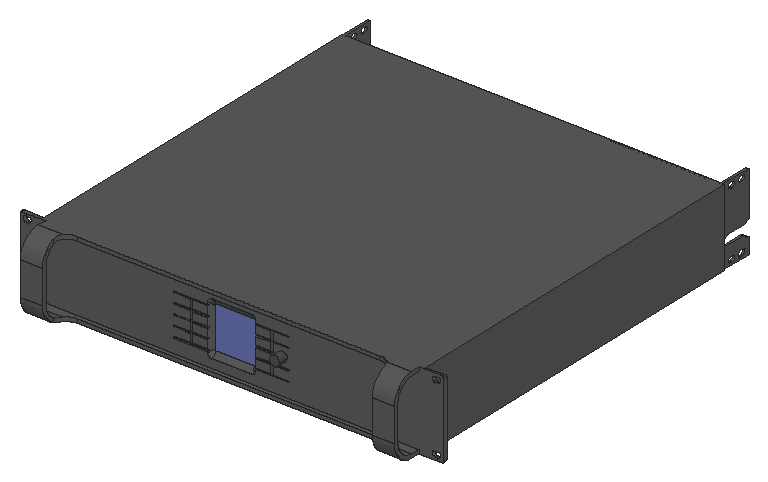
Revit family "PLM xxk44", category Communication Devices, Revit 2020
Family settings
  Maintain Annotation Orientation = No
  Round Connector Dimension = Use Diameter
  Part Type = Normal
  Work Plane-Based = No
  Always vertical = Yes
  Cut with Voids When Loaded = No
  Shared = No
  Room Calculation Point = No
Parameters
  Weight (kg) = 17  # constant formula
  Voltage [instance] = "100-240VAC"  # constant formula
  Thermal Load in Standby (BTU/hr) [instance] = 30  # constant formula
  Thermal Load Max (BTU/hr) [instance] = 6245  # constant formula
  SP [instance] = yes
  Currrent Draw (Max) [instance] = 30  # constant formula
  BP [instance] = not(SP)  # no
  Model = "PLM 12k44, PLM20k44"
  Manufacturer = "Lab Gruppen"
  Default Elevation = 0 mm
Reference planes
  plane 1 "Center (Front/Back)": y = 0
  plane 2: z = 0
  plane 3 "Center (Left/Right)": x = 0
Dimensions and locks
  aligned and locked: level to plane 2
Nested families
  nested 1: "PLM xxk44 - base1" at (0, 0, 0), SP <- "SP", type "PLM xxk44 - base1"
    with SP yes, BP no
Connectors
  electrical at (-188.4, 425, 65.3)
    settings: on nested 1, index 1, voltage 120 V, apparent load 0 VA, apparent load phase1 0 VA, apparent load phase2 0 VA, apparent load phase3 0 VA, power factor 1, load classification "Other", number of poles 1, system type 31, power factor state 1, is connector primary yes, connector utility no, sub classification motor no, connector description "100-240VAC - Powercon"
  electrical at (-108.332, 425, 65.906)
    settings: on nested 1, index 2, voltage 0 V, apparent load 0 VA, apparent load phase1 0 VA, apparent load phase2 0 VA, apparent load phase3 0 VA, power factor 1, load classification "Other", number of poles 1, system type 14, power factor state 1, is connector primary no, connector utility no, sub classification motor no, connector description "Network - RJ45 Ethercon"
  electrical at (-83.332, 425, 65.906)
    settings: on nested 1, index 3, voltage 0 V, apparent load 0 VA, apparent load phase1 0 VA, apparent load phase2 0 VA, apparent load phase3 0 VA, power factor 1, load classification "Other", number of poles 1, system type 14, power factor state 1, is connector primary no, connector utility no, sub classification motor no, connector description "Network - RJ45 Ethercon"
  electrical at (-58.336, 425, 79.569)
    settings: on nested 1, index 4, voltage 0 V, apparent load 0 VA, apparent load phase1 0 VA, apparent load phase2 0 VA, apparent load phase3 0 VA, power factor 1, load classification "Other", number of poles 1, system type 14, power factor state 1, is connector primary no, connector utility no, sub classification motor no, connector description "AES3 In - XLRF"
  electrical at (-33.332, 425, 79.569)
    settings: on nested 1, index 5, voltage 0 V, apparent load 0 VA, apparent load phase1 0 VA, apparent load phase2 0 VA, apparent load phase3 0 VA, power factor 1, load classification "Other", number of poles 1, system type 14, power factor state 1, is connector primary no, connector utility no, sub classification motor no, connector description "AES3 In - XLRF"
  electrical at (-2.922, 425, 79.569)
    settings: on nested 1, index 6, voltage 0 V, apparent load 0 VA, apparent load phase1 0 VA, apparent load phase2 0 VA, apparent load phase3 0 VA, power factor 1, load classification "Other", number of poles 1, system type 14, power factor state 1, is connector primary no, connector utility no, sub classification motor no, connector description "Analog In - XLRF"
  electrical at (23.12, 425, 79.569)
    settings: on nested 1, index 7, voltage 0 V, apparent load 0 VA, apparent load phase1 0 VA, apparent load phase2 0 VA, apparent load phase3 0 VA, power factor 1, load classification "Other", number of poles 1, system type 14, power factor state 1, is connector primary no, connector utility no, sub classification motor no, connector description "Analog In - XLRF"
  electrical at (49.265, 425, 79.569)
    settings: on nested 1, index 8, voltage 0 V, apparent load 0 VA, apparent load phase1 0 VA, apparent load phase2 0 VA, apparent load phase3 0 VA, power factor 1, load classification "Other", number of poles 1, system type 14, power factor state 1, is connector primary no, connector utility no, sub classification motor no, connector description "Analog In - XLRF"
  electrical at (75.374, 425, 79.569)
    settings: on nested 1, index 9, voltage 0 V, apparent load 0 VA, apparent load phase1 0 VA, apparent load phase2 0 VA, apparent load phase3 0 VA, power factor 1, load classification "Other", number of poles 1, system type 14, power factor state 1, is connector primary no, connector utility no, sub classification motor no, connector description "Analog In - XLRF"
  electrical at (148.2, 425, 65.5)
    settings: on nested 1, index 10, voltage 0 V, apparent load 0 VA, apparent load phase1 0 VA, apparent load phase2 0 VA, apparent load phase3 0 VA, power factor 1, load classification "Other", number of poles 1, system type 14, power factor state 1, is connector primary no, connector utility no, sub classification motor no, connector description "Speaker Out – Speakon or Binding Post"
Definition of nested family "PLM xxk44 - base1"
  Parameters (values of type "PLM xxk44 - base1")
    Model = "PLM 12K44, PLM 20k44"
    Manufacturer = "Lab Gruppen"
    Default Elevation = 0 mm
    SP [instance] = yes
    BP [instance] = not(SP)  # no
  Reference planes
    plane 1 "Center (Front/Back)": y = 0
    plane 2: z = 0
    plane 3 "Center (Left/Right)": x = 0
  Forms (mm)
    Extrusion 1, solid
      sketch origin (0, 0, -0.064) x (1, 0, 0) y (0, 0, 1)
        loop
          arc (-239.3, 88.064) -> (-240.714, 87.478) -> (-241.3, 86.064) r 2
          line (-241.3, 86.064) -> (-241.3, 2.064)
          arc (-241.3, 2.064) -> (-240.714, 0.65) -> (-239.3, 0.064) r 2
          line (-239.3, 0.064) -> (239.3, 0.064)
          arc (239.3, 0.064) -> (240.714, 0.65) -> (241.3, 2.064) r 2
          line (241.3, 2.064) -> (241.3, 86.064)
          arc (241.3, 86.064) -> (240.714, 87.478) -> (239.3, 88.064) r 2
          line (239.3, 88.064) -> (-239.3, 88.064)
      from 0 to 3.2
    Extrusion 2, void
      sketch origin (0, 0, 0) x (1, 0, 0) y (0, 0, 1)
        loop
          arc (-234.4, 85.6) -> (-237.9, 82.1) -> (-234.4, 78.6) r 3.5
          line (-234.4, 78.6) -> (-231.4, 78.6)
          arc (-231.4, 78.6) -> (-227.9, 82.1) -> (-231.4, 85.6) r 3.5
          line (-231.4, 85.6) -> (-234.4, 85.6)
      from 0 to 3.2
    Extrusion 3, void
      sketch origin (0, 0, -76.2) x (1, 0, 0) y (0, 0, 1)
        loop
          arc (-234.4, 85.6) -> (-237.9, 82.1) -> (-234.4, 78.6) r 3.5
          line (-234.4, 78.6) -> (-231.4, 78.6)
          arc (-231.4, 78.6) -> (-227.9, 82.1) -> (-231.4, 85.6) r 3.5
          line (-231.4, 85.6) -> (-234.4, 85.6)
      from 0 to 3.2
    Extrusion 4, void
      sketch origin (465.8, 0, 0) x (1, 0, 0) y (0, 0, 1)
        loop
          arc (-234.4, 85.6) -> (-237.9, 82.1) -> (-234.4, 78.6) r 3.5
          line (-234.4, 78.6) -> (-231.4, 78.6)
          arc (-231.4, 78.6) -> (-227.9, 82.1) -> (-231.4, 85.6) r 3.5
          line (-231.4, 85.6) -> (-234.4, 85.6)
      from 0 to 3.2
    Extrusion 5, void
      sketch origin (465.8, 0, -76.2) x (1, 0, 0) y (0, 0, 1)
        loop
          arc (-234.4, 85.6) -> (-237.9, 82.1) -> (-234.4, 78.6) r 3.5
          line (-234.4, 78.6) -> (-231.4, 78.6)
          arc (-231.4, 78.6) -> (-227.9, 82.1) -> (-231.4, 85.6) r 3.5
          line (-231.4, 85.6) -> (-234.4, 85.6)
      from 0 to 3.2
    Extrusion 6, solid
      sketch origin (0, 0, 0) x (1, 0, 0) y (0, 0, 1)
        loop
          line (-217.6, 88) -> (-217.6, 0) -> (217.6, 0) -> (217.6, 88) -> (-217.6, 88)
      from 0 to -425
    Extrusion 7, solid
      sketch origin (0, 0, 0) x (0, 1, 0) y (0, 0, 1)
        loop
          line (-3.2, 88) -> (-13.5, 88)
          arc (-13.5, 88) -> (-31.178, 80.678) -> (-38.5, 63) r 25
          line (-38.5, 63) -> (-38.5, 25)
          arc (-38.5, 25) -> (-31.045, 7.189) -> (-13.125, 0) r 25.003
          line (-13.125, 0) -> (-3.2, 0) -> (-3.2, 4) -> (-13.5, 4)
          arc (-13.5, 4) -> (-28.349, 10.151) -> (-34.5, 25) r 21
          line (-34.5, 25) -> (-34.5, 63)
          arc (-34.5, 63) -> (-28.349, 77.849) -> (-13.5, 84) r 21
          line (-13.5, 84) -> (-3.2, 84) -> (-3.2, 88)
      from -212.75 to 212.825
    Extrusion 8, void
      sketch origin (0, 0, 0) x (1, 0, 0) y (0, 1, 0)
        loop
          line (-187.75, -23.5) -> (-187.75, -39.5) -> (187.749, -39.5) -> (187.749, -23.499)
          arc (187.749, -23.499) -> (183.356, -12.893) -> (172.75, -8.5) r 14.999
          line (172.75, -8.5) -> (-172.75, -8.5)
          arc (-172.75, -8.5) -> (-183.357, -12.893) -> (-187.75, -23.5) r 15
      from -2.378 to 88
    Extrusion 9, solid
      sketch origin (0, 425, 0) x (-1, 0, 0) y (0, 0, 1)
        loop
          line (-216.2, 88) -> (-216.2, 0) -> (-213.7, 0) -> (-213.7, 88) -> (-216.2, 88)
      from 0 to 36
    Extrusion 10, solid
      sketch origin (0, 425, 0) x (1, 0, 0) y (0, 0, -1)
        loop
          line (-216.2, -88) -> (-213.7, -88) -> (-213.7, 0) -> (-216.2, 0) -> (-216.2, -88)
      from 0 to 35
    Extrusion 11, void
      sketch origin (216.2, 425.995, 80.107) x (0, 0, 1) y (0, -1, 0)
        loop
          arc (5.393, -9.5) -> (1.893, -6) -> (-1.607, -9.5) r 3.5
          line (-1.607, -9.5) -> (-1.607, -12.5)
          arc (-1.607, -12.5) -> (1.893, -16) -> (5.393, -12.5) r 3.5
          line (5.393, -12.5) -> (5.393, -9.5)
      from 0 to -2.5
    Extrusion 12, void
      sketch origin (216.2, 440.495, 80.107) x (0, 0, 1) y (0, -1, 0)
        loop
          arc (5.393, -9.5) -> (1.893, -6) -> (-1.607, -9.5) r 3.5
          line (-1.607, -9.5) -> (-1.607, -12.5)
          arc (-1.607, -12.5) -> (1.893, -16) -> (5.393, -12.5) r 3.5
          line (5.393, -12.5) -> (5.393, -9.5)
      from 0 to -2.5
    Extrusion 13, void
      sketch origin (216.2, 425.995, 4.107) x (0, 0, 1) y (0, -1, 0)
        loop
          arc (5.393, -9.5) -> (1.893, -6) -> (-1.607, -9.5) r 3.5
          line (-1.607, -9.5) -> (-1.607, -12.5)
          arc (-1.607, -12.5) -> (1.893, -16) -> (5.393, -12.5) r 3.5
          line (5.393, -12.5) -> (5.393, -9.5)
      from 0 to -2.5
    Extrusion 14, void
      sketch origin (216.2, 440.495, 4.107) x (0, 0, 1) y (0, -1, 0)
        loop
          arc (5.393, -9.5) -> (1.893, -6) -> (-1.607, -9.5) r 3.5
          line (-1.607, -9.5) -> (-1.607, -12.5)
          arc (-1.607, -12.5) -> (1.893, -16) -> (5.393, -12.5) r 3.5
          line (5.393, -12.5) -> (5.393, -9.5)
      from 0 to -2.5
    Extrusion 15, void
      sketch origin (216.2, 425, 80.107) x (0, 0, 1) y (0, -1, 0)
        loop
          line (-61.448, -36) -> (-42.965, -36) -> (-47.007, -29) -> (-47.007, -6)
          arc (-47.007, -6) -> (-52.207, -0.8) -> (-57.407, -6) r 5.2
          line (-57.407, -6) -> (-57.407, -29) -> (-61.448, -36)
      from 0 to -2.5
    Extrusion 16, void
      sketch origin (-216.2, 425, 80.107) x (0, 0, -1) y (0, 1, 0)
        loop
          arc (-5.393, 10.495) -> (-1.893, 6.995) -> (1.607, 10.495) r 3.5
          line (1.607, 10.495) -> (1.607, 13.495)
          arc (1.607, 13.495) -> (-1.893, 16.995) -> (-5.393, 13.495) r 3.5
          line (-5.393, 13.495) -> (-5.393, 10.495)
      from 0 to 2.5
    Extrusion 17, void
      sketch origin (-216.2, 425, 80.107) x (0, 0, -1) y (0, 1, 0)
        loop
          arc (-5.393, 24.995) -> (-1.893, 21.495) -> (1.607, 24.995) r 3.5
          line (1.607, 24.995) -> (1.607, 27.995)
          arc (1.607, 27.995) -> (-1.893, 31.495) -> (-5.393, 27.995) r 3.5
          line (-5.393, 27.995) -> (-5.393, 24.995)
      from 0 to 2.5
    Extrusion 18, void
      sketch origin (-216.2, 425, 80.107) x (0, 0, -1) y (0, 1, 0)
        loop
          arc (70.607, 10.495) -> (74.107, 6.995) -> (77.607, 10.495) r 3.5
          line (77.607, 10.495) -> (77.607, 13.495)
          arc (77.607, 13.495) -> (74.107, 16.995) -> (70.607, 13.495) r 3.5
          line (70.607, 13.495) -> (70.607, 10.495)
      from 0 to 2.5
    Extrusion 19, void
      sketch origin (-216.2, 425, 80.107) x (0, 0, -1) y (0, 1, 0)
        loop
          arc (70.607, 24.995) -> (74.107, 21.495) -> (77.607, 24.995) r 3.5
          line (77.607, 24.995) -> (77.607, 27.995)
          arc (77.607, 27.995) -> (74.107, 31.495) -> (70.607, 27.995) r 3.5
          line (70.607, 27.995) -> (70.607, 24.995)
      from 0 to 2.5
    Extrusion 20, void
      sketch origin (-216.2, 425, 80.107) x (0, 0, -1) y (0, 1, 0)
        loop
          line (61.448, 36) -> (42.965, 36) -> (47.007, 29) -> (47.007, 6)
          arc (47.007, 6) -> (52.207, 0.8) -> (57.407, 6) r 5.2
          line (57.407, 6) -> (57.407, 29) -> (61.448, 36)
      from 0 to 2.5
    Extrusion 21, solid
      sketch origin (0, -3.2, 88) x (0, 0, -1) y (-1, 0, 0)
        loop
          circle (44, -56.9) r 5.35
      from 0 to -10.5
    Blend 22, void
      base sketch origin (0, -3.2, 88) x (0, 0, -1) y (-1, 0, 0)
        loop
          arc (13.34, 23.681) -> (12.926, -0.008) -> (13.343, -23.697) r 676.447
          arc (13.343, -23.697) -> (14.858, -26.344) -> (17.723, -27.391) r 4.444
          line (17.723, -27.391) -> (70.078, -27.391)
          arc (70.078, -27.391) -> (72.853, -26.315) -> (74.176, -23.65) r 4.115
          arc (74.176, -23.65) -> (74.563, 0) -> (74.176, 23.65) r 723.698
          arc (74.176, 23.65) -> (72.853, 26.315) -> (70.078, 27.391) r 4.115
          line (70.078, 27.391) -> (17.723, 27.391)
          arc (17.723, 27.391) -> (14.852, 26.339) -> (13.34, 23.681) r 4.444
      top sketch origin (0, -3.2, 88) x (0, 0, -1) y (-1, 0, 0)
        loop
          arc (66.251, -23.505) -> (67.319, -23.095) -> (67.838, -22.076) r 1.596
          line (67.838, -22.076) -> (67.838, 22.076)
          arc (67.838, 22.076) -> (67.319, 23.095) -> (66.251, 23.505) r 1.596
          line (66.251, 23.505) -> (21.713, 23.505)
          arc (21.713, 23.505) -> (20.644, 23.102) -> (20.108, 22.094) r 1.619
          line (20.108, 22.094) -> (20.108, -22.094)
          arc (20.108, -22.094) -> (20.644, -23.102) -> (21.713, -23.505) r 1.619
          line (21.713, -23.505) -> (66.251, -23.505)
      from 0 to 5
    Extrusion 23, void
      sketch origin (0, -3.2, 88) x (0, 0, 1) y (-1, 0, 0)
        loop
          line (-19.588, -64.767) -> (-19.588, -25.383) -> (-22.192, -25.383) -> (-22.192, -44.418) -> (-31.178, -44.418) -> (-31.178, -25.383) -> (-33.733, -25.383) -> (-33.733, -44.418) -> (-42.752, -44.418) -> (-42.752, -25.383) -> (-45.272, -25.383) -> (-45.272, -44.418) -> (-54.208, -44.418) -> (-54.208, -25.383) -> (-56.813, -25.383) -> (-56.813, -44.418) -> (-65.748, -44.418) -> (-65.748, -25.383) -> (-68.353, -25.383) -> (-68.353, -64.767)
          arc (-68.353, -64.767) -> (-67.05, -66.07) -> (-65.748, -64.767) r 1.302
          line (-65.748, -64.767) -> (-65.748, -47.035) -> (-56.813, -47.035) -> (-56.813, -64.767)
          arc (-56.813, -64.767) -> (-55.51, -66.07) -> (-54.208, -64.767) r 1.302
          line (-54.208, -64.767) -> (-54.208, -47.035) -> (-33.733, -47.035) -> (-33.733, -64.764)
          arc (-33.733, -64.764) -> (-32.455, -66.041) -> (-31.178, -64.764) r 1.277
          line (-31.178, -64.764) -> (-31.178, -47.035) -> (-22.192, -47.035) -> (-22.192, -64.767)
          arc (-22.192, -64.767) -> (-20.89, -66.07) -> (-19.588, -64.767) r 1.302
      from 0 to -1.5
    Extrusion 24, void
      sketch origin (0, -3.2, -0.064) x (1, 0, 0) y (0, 0, 1)
        loop
          line (-64.827, 19.712) -> (-25.575, 19.712) -> (-25.575, 22.317) -> (-44.479, 22.317) -> (-44.479, 31.252) -> (-25.575, 31.252) -> (-25.575, 33.857) -> (-44.479, 33.857) -> (-44.479, 42.792) -> (-25.575, 42.792) -> (-25.575, 45.397) -> (-44.479, 45.397) -> (-44.479, 54.332) -> (-25.575, 54.332) -> (-25.575, 56.937) -> (-44.479, 56.937) -> (-44.479, 65.872) -> (-25.575, 65.872) -> (-25.575, 68.477) -> (-64.827, 68.477)
          arc (-64.827, 68.477) -> (-66.13, 67.174) -> (-64.827, 65.872) r 1.302
          line (-64.827, 65.872) -> (-47.084, 65.872) -> (-47.084, 56.937) -> (-64.827, 56.937)
          arc (-64.827, 56.937) -> (-66.13, 55.634) -> (-64.827, 54.332) r 1.302
          line (-64.827, 54.332) -> (-47.084, 54.332) -> (-47.084, 45.397) -> (-64.827, 45.397)
          arc (-64.827, 45.397) -> (-66.13, 44.094) -> (-64.827, 42.792) r 1.302
          line (-64.827, 42.792) -> (-47.084, 42.792) -> (-47.084, 33.857) -> (-64.827, 33.857)
          arc (-64.827, 33.857) -> (-66.13, 32.554) -> (-64.827, 31.252) r 1.302
          line (-64.827, 31.252) -> (-47.084, 31.252) -> (-47.084, 22.317) -> (-64.827, 22.317)
          arc (-64.827, 22.317) -> (-66.13, 21.014) -> (-64.827, 19.712) r 1.302
      from 0 to -1.5
    Extrusion 25, void
      sketch origin (0, 0, 0) x (1, 0, 0) y (0, 0, 1)
        loop
          line (89.203, 0.5) -> (212.825, 0.5) -> (212.825, 87.5) -> (89.203, 87.5) -> (89.203, 0.5)
      from -425 to -424
    Extrusion 26, solid, visible <- "SP"
      sketch origin (0, 0, 0) x (1, 0, 0) y (0, 0, 1)
        loop
          line (212.825, 87.5) -> (89.203, 87.5) -> (89.203, 0.5) -> (212.825, 0.5) -> (212.825, 87.5)
      from -425 to -424
    Extrusion 27, solid, visible <- "BP"
      sketch origin (0, 0, 0) x (1, 0, 0) y (0, 0, 1)
        loop
          line (212.825, 87.5) -> (89.203, 87.5) -> (89.203, 0.5) -> (212.825, 0.5) -> (212.825, 87.5)
      from -425 to -424
    Extrusion 28, solid, visible <- "BP"
      sketch origin (0, 425, 0) x (-1, 0, 0) y (0, 0, 1)
        loop
          line (-188.55, 80) -> (-188.55, 44.95) -> (-153.55, 44.95) -> (-153.55, 80) -> (-188.55, 80)
      from 0 to 11.2
    Extrusion 29, solid, visible <- "BP"
      sketch origin (0, 425, 0) x (-1, 0, 0) y (0, 0, 1)
        loop
          line (-142.85, 80) -> (-142.85, 44.95) -> (-107.85, 44.95) -> (-107.85, 80) -> (-142.85, 80)
      from 0 to 11.2
    Extrusion 30, solid, visible <- "BP"
      sketch origin (0, 425, 0) x (-1, 0, 0) y (0, 0, 1)
        loop
          circle (-180.575, 72) r 7.5
      from 26.2 to 11.2
    Extrusion 31, void
      sketch origin (0, 425, 0) x (-1, 0, 0) y (0, 0, 1)
        loop
          circle (-180.575, 72) r 3.5
      from 26.2 to 11.2
    Extrusion 32, solid, visible <- "BP"
      sketch origin (-19.05, 425, 0) x (-1, 0, 0) y (0, 0, 1)
        loop
          circle (-180.575, 72) r 7.5
      from 26.2 to 11.2
    Extrusion 33, void
      sketch origin (-19.05, 425, 0) x (-1, 0, 0) y (0, 0, 1)
        loop
          circle (-180.575, 72) r 3.5
      from 26.2 to 11.2
    Extrusion 34, solid, visible <- "BP"
      sketch origin (-45.7, 425, 0) x (-1, 0, 0) y (0, 0, 1)
        loop
          circle (-180.575, 72) r 7.5
      from 26.2 to 11.2
    Extrusion 35, void
      sketch origin (-45.7, 425, 0) x (-1, 0, 0) y (0, 0, 1)
        loop
          circle (-180.575, 72) r 3.5
      from 26.2 to 11.2
    Extrusion 36, solid, visible <- "BP"
      sketch origin (-64.75, 425, 0) x (-1, 0, 0) y (0, 0, 1)
        loop
          circle (-180.575, 72) r 7.5
      from 26.2 to 11.2
    Extrusion 37, void
      sketch origin (-64.75, 425, 0) x (-1, 0, 0) y (0, 0, 1)
        loop
          circle (-180.575, 72) r 3.5
      from 26.2 to 11.2
    Extrusion 38, solid, visible <- "BP"
      sketch origin (0, 425, -19.05) x (-1, 0, 0) y (0, 0, 1)
        loop
          circle (-180.575, 72) r 7.5
      from 26.2 to 11.2
    Extrusion 39, void
      sketch origin (0, 425, -19.05) x (-1, 0, 0) y (0, 0, 1)
        loop
          circle (-180.575, 72) r 3.5
      from 26.2 to 11.2
    Extrusion 40, solid, visible <- "BP"
      sketch origin (-19.05, 425, -19.05) x (-1, 0, 0) y (0, 0, 1)
        loop
          circle (-180.575, 72) r 7.5
      from 26.2 to 11.2
    Extrusion 41, void
      sketch origin (-19.05, 425, -19.05) x (-1, 0, 0) y (0, 0, 1)
        loop
          circle (-180.575, 72) r 3.5
      from 26.2 to 11.2
    Extrusion 42, solid, visible <- "BP"
      sketch origin (-45.7, 425, -19.05) x (-1, 0, 0) y (0, 0, 1)
        loop
          circle (-180.575, 72) r 7.5
      from 26.2 to 11.2
    Extrusion 43, void
      sketch origin (-45.7, 425, -19.05) x (-1, 0, 0) y (0, 0, 1)
        loop
          circle (-180.575, 72) r 3.5
      from 26.2 to 11.2
    Extrusion 44, solid, visible <- "BP"
      sketch origin (-64.75, 425, -19.05) x (-1, 0, 0) y (0, 0, 1)
        loop
          circle (-180.575, 72) r 7.5
      from 26.2 to 11.2
    Extrusion 45, void
      sketch origin (-64.75, 425, -19.05) x (-1, 0, 0) y (0, 0, 1)
        loop
          circle (-180.575, 72) r 3.5
      from 26.2 to 11.2
  Cuts and joins
    Extrusion 2, Extrusion 3, Extrusion 4, Extrusion 5, Blend 22, Extrusion 23, Extrusion 24, Extrusion 25 cuts Extrusion 1
    Blend 22, Extrusion 23, Extrusion 25 cuts Extrusion 6
    Extrusion 8, Blend 22, Extrusion 25 cuts Extrusion 7
    Extrusion 11, Extrusion 12, Extrusion 13, Extrusion 14, Extrusion 15, Extrusion 16, Extrusion 17, Extrusion 18, Extrusion 19, Extrusion 20, Extrusion 25 cuts Extrusion 9
    Extrusion 16, Extrusion 17, Extrusion 18, Extrusion 19, Extrusion 20, Extrusion 25 cuts Extrusion 10
    joined: Extrusion 1, Extrusion 6, Extrusion 7, Extrusion 9, Extrusion 10
    Extrusion 31, Extrusion 33, Extrusion 35, Extrusion 39, Extrusion 41 cuts Extrusion 28
    Extrusion 31, Extrusion 33, Extrusion 39 cuts Extrusion 30
    Extrusion 33, Extrusion 35, Extrusion 41 cuts Extrusion 32
    Extrusion 35, Extrusion 37, Extrusion 43 cuts Extrusion 34
    Extrusion 37, Extrusion 43, Extrusion 45 cuts Extrusion 29
    Extrusion 37, Extrusion 45 cuts Extrusion 36
    Extrusion 39 cuts Extrusion 38
    Extrusion 41 cuts Extrusion 40
    Extrusion 43 cuts Extrusion 42
    Extrusion 45 cuts Extrusion 44
  Lines and regions (mm)
    Split face 1
      outline origin (-239.3, -3.2, 88) x (-1, 0, 0) y (0, 0, -1)
        loop
          line (-171.8, 4) -> (-171.8, 84)
    Split face 2
      outline origin (-239.3, -3.2, 88) x (-1, 0, 0) y (0, 0, -1)
        loop
          line (-306.8, 4) -> (-306.8, 84)
    Split face 3
      outline origin (-239.3, -3.2, 88) x (-1, 0, 0) y (0, 0, -1)
        loop
          arc (-340.365, 38.963) -> (-339.067, 39.501) -> (-338.53, 40.798) r 1.835
          line (-338.53, 40.798) -> (-338.53, 47.129)
          arc (-338.53, 47.129) -> (-339.067, 48.426) -> (-340.365, 48.963) r 1.835
          line (-340.365, 48.963) -> (-386.695, 48.963)
          arc (-386.695, 48.963) -> (-387.992, 48.426) -> (-388.53, 47.129) r 1.835
          line (-388.53, 47.129) -> (-388.53, 40.798)
          arc (-388.53, 40.798) -> (-387.992, 39.501) -> (-386.695, 38.963) r 1.835
          line (-386.695, 38.963) -> (-340.365, 38.963)
    Split face 4
      outline origin (-239.3, -3.2, 88) x (-1, 0, 0) y (0, 0, -1)
        loop
          arc (-91.84, 38.963) -> (-90.543, 39.496) -> (-90.005, 40.791) r 1.828
          line (-90.005, 40.791) -> (-90.005, 47.122)
          arc (-90.005, 47.122) -> (-90.54, 48.424) -> (-91.84, 48.963) r 1.835
          line (-91.84, 48.963) -> (-138.17, 48.963)
          arc (-138.17, 48.963) -> (-139.468, 48.422) -> (-140.005, 47.122) r 1.842
          line (-140.005, 47.122) -> (-140.005, 40.791)
          arc (-140.005, 40.791) -> (-139.465, 39.498) -> (-138.17, 38.963) r 1.835
          line (-138.17, 38.963) -> (-91.84, 38.963)
    Split face 5
      outline origin (-239.3, -3.2, 88) x (-1, 0, 0) y (0, 0, -1)
        loop
          line (-311.59, 8.65) -> (-311.59, 79.35) -> (-439.59, 79.35) -> (-439.59, 8.65) -> (-311.59, 8.65)
    Split face 6
      outline origin (-239.3, -3.2, 88) x (-1, 0, 0) y (0, 0, -1)
        loop
          line (-167, 8.65) -> (-39, 8.65) -> (-39, 79.35) -> (-167, 79.35) -> (-167, 8.65)
    Split face 7
      outline origin (-239.3, -3.2, 88) x (-1, 0, 0) y (0, 0, -1)
        loop
          line (-205.67, 24.696) -> (-205.67, 28.658) -> (-209.632, 28.658) -> (-209.632, 24.696) -> (-205.67, 24.696)
    Split face 8
      outline origin (-239.3, -3.2, 88) x (-1, 0, 0) y (0, 0, -1)
        loop
          line (-205.67, 36.126) -> (-205.67, 40.088) -> (-209.632, 40.088) -> (-209.632, 36.126) -> (-205.67, 36.126)
    Split face 9
      outline origin (-239.3, -3.2, 88) x (-1, 0, 0) y (0, 0, -1)
        loop
          line (-205.67, 47.556) -> (-205.67, 51.518) -> (-209.632, 51.518) -> (-209.632, 47.556) -> (-205.67, 47.556)
    Split face 10
      outline origin (-239.3, -3.2, 88) x (-1, 0, 0) y (0, 0, -1)
        loop
          line (-205.67, 58.986) -> (-205.67, 62.948) -> (-209.632, 62.948) -> (-209.632, 58.986) -> (-205.67, 58.986)
    Split face 11
      outline origin (-239.3, -3.2, 88) x (-1, 0, 0) y (0, 0, -1)
        loop
          line (-269.169, 24.696) -> (-269.169, 28.658) -> (-273.131, 28.658) -> (-273.131, 24.696) -> (-269.169, 24.696)
    Split face 12
      outline origin (-239.3, -3.2, 88) x (-1, 0, 0) y (0, 0, -1)
        loop
          line (-269.169, 36.126) -> (-269.169, 40.088) -> (-273.131, 40.088) -> (-273.131, 36.126) -> (-269.169, 36.126)
    Split face 13
      outline origin (-239.3, -3.2, 88) x (-1, 0, 0) y (0, 0, -1)
        loop
          circle (-294.814, 26.703) r 1.961
    Split face 14
      outline origin (-221.45, 425, 90) x (1, 0, 0) y (0, 0, -1)
        loop
          line (15.5, 49.8) -> (19.5, 49.8) -> (19.5, 79.8) -> (15.5, 79.8) -> (15.5, 49.8)
    Split face 15
      outline origin (-219.8, 425, 90) x (1, 0, 0) y (0, 0, -1)
        loop
          line (19.5, 79.8) -> (19.5, 49.8) -> (23.6, 49.8) -> (23.6, 79.8) -> (19.5, 79.8)
    Split face 16
      outline origin (-217.9, 425, 90) x (1, 0, 0) y (0, 0, -1)
        loop
          line (23.5, 79.8) -> (23.5, 52.3) -> (27.5, 52.3) -> (27.5, 79.8) -> (23.5, 79.8)
    Split face 17
      outline origin (-216, 425, 90) x (1, 0, 0) y (0, 0, -1)
        loop
          line (27.5, 79.8) -> (27.5, 49.8) -> (31.4, 49.8) -> (31.4, 79.8) -> (27.5, 79.8)
    Split face 18
      outline origin (-214.351, 425, 90) x (1, 0, 0) y (0, 0, -1)
        loop
          line (31.501, 79.8) -> (31.501, 49.8) -> (35.501, 49.8) -> (35.501, 79.8) -> (31.501, 79.8)
    Split face 19
      outline origin (-212.6, 425, 90) x (1, 0, 0) y (0, 0, -1)
        loop
          line (35.5, 79.8) -> (35.5, 49.8) -> (39.5, 49.8) -> (39.5, 79.8) -> (35.5, 79.8)
    Split face 20
      outline origin (-210.85, 425, 90) x (1, 0, 0) y (0, 0, -1)
        loop
          line (39.5, 79.8) -> (39.5, 49.8) -> (43.5, 49.8) -> (43.5, 79.8) -> (39.5, 79.8)
    Split face 21
      outline origin (-331.232, 425, 132.939) x (1, 0, 0) y (0, 0, -1)
        loop
          arc (220.363, 52.839) -> (218.151, 50.867) -> (219.226, 48.106) r 2.598
          arc (219.226, 48.106) -> (222.9, 47.39) -> (226.575, 48.106) r 9.799
          arc (226.575, 48.106) -> (227.65, 50.867) -> (225.438, 52.839) r 2.598
          arc (225.438, 52.839) -> (222.9, 75.05) -> (220.363, 52.839) r 11.25
    Split face 22
      outline origin (-331.232, 425, 132.939) x (1, 0, 0) y (0, 0, -1)
        loop
          line (220.363, 52.839) -> (220.363, 53.9)
          arc (220.363, 53.9) -> (222.9, 53.58) -> (225.438, 53.9) r 10.226
          line (225.438, 53.9) -> (225.438, 52.839)
    Split face 23
      outline origin (-331.232, 425, 132.939) x (1, 0, 0) y (0, 0, -1)
        loop
          circle (222.9, 63.799) r 7.999
    Split face 24
      outline origin (-331.232, 425, 132.939) x (1, 0, 0) y (0, 0, -1)
        loop
          line (228.801, 60.15) -> (228.801, 66.95) -> (226.2, 66.95) -> (226.2, 68.95) -> (224.75, 68.95) -> (224.75, 70.25) -> (221.05, 70.25) -> (221.05, 68.95) -> (219.6, 68.95) -> (219.6, 66.95) -> (217, 66.95) -> (217, 60.15) -> (228.801, 60.15)
    Split face 25
      outline origin (-331.232, 425, 132.939) x (1, 0, 0) y (0, 0, -1)
        loop
          arc (245.363, 52.839) -> (243.151, 50.867) -> (244.226, 48.106) r 2.598
          arc (244.226, 48.106) -> (247.9, 47.39) -> (251.575, 48.106) r 9.799
          arc (251.575, 48.106) -> (252.65, 50.867) -> (250.438, 52.839) r 2.598
          arc (250.438, 52.839) -> (247.9, 75.05) -> (245.363, 52.839) r 11.25
    Split face 26
      outline origin (-331.232, 425, 132.939) x (1, 0, 0) y (0, 0, -1)
        loop
          arc (270.359, 52.839) -> (268.147, 50.867) -> (269.221, 48.106) r 2.598
          arc (269.221, 48.106) -> (272.896, 47.39) -> (276.571, 48.106) r 9.799
          arc (276.571, 48.106) -> (277.645, 50.867) -> (275.433, 52.839) r 2.598
          arc (275.433, 52.839) -> (272.896, 75.05) -> (270.359, 52.839) r 11.25
    Split face 27
      outline origin (-331.232, 425, 132.939) x (1, 0, 0) y (0, 0, -1)
        loop
          arc (295.363, 52.839) -> (293.151, 50.867) -> (294.225, 48.106) r 2.598
          arc (294.225, 48.106) -> (297.9, 47.39) -> (301.575, 48.106) r 9.799
          arc (301.575, 48.106) -> (302.649, 50.867) -> (300.437, 52.839) r 2.598
          arc (300.437, 52.839) -> (297.9, 75.05) -> (295.363, 52.839) r 11.25
    Split face 28
      outline origin (-331.232, 425, 132.939) x (1, 0, 0) y (0, 0, -1)
        loop
          arc (325.773, 52.839) -> (323.561, 50.867) -> (324.635, 48.106) r 2.598
          arc (324.635, 48.106) -> (328.31, 47.39) -> (331.985, 48.106) r 9.799
          arc (331.985, 48.106) -> (333.059, 50.867) -> (330.848, 52.839) r 2.598
          arc (330.848, 52.839) -> (328.31, 75.05) -> (325.773, 52.839) r 11.25
    Split face 29
      outline origin (-331.232, 425, 132.939) x (1, 0, 0) y (0, 0, -1)
        loop
          arc (351.815, 52.839) -> (349.603, 50.867) -> (350.677, 48.106) r 2.598
          arc (350.677, 48.106) -> (354.352, 47.39) -> (358.027, 48.106) r 9.799
          arc (358.027, 48.106) -> (359.101, 50.867) -> (356.889, 52.839) r 2.598
          arc (356.889, 52.839) -> (354.352, 75.05) -> (351.815, 52.839) r 11.25
    Split face 30
      outline origin (-331.232, 425, 132.939) x (1, 0, 0) y (0, 0, -1)
        loop
          arc (377.96, 52.839) -> (375.748, 50.867) -> (376.822, 48.106) r 2.598
          arc (376.822, 48.106) -> (380.497, 47.39) -> (384.172, 48.106) r 9.799
          arc (384.172, 48.106) -> (385.246, 50.867) -> (383.034, 52.839) r 2.598
          arc (383.034, 52.839) -> (380.497, 75.05) -> (377.96, 52.839) r 11.25
    Split face 31
      outline origin (-331.232, 425, 132.939) x (1, 0, 0) y (0, 0, -1)
        loop
          arc (404.069, 52.839) -> (401.857, 50.867) -> (402.931, 48.106) r 2.598
          arc (402.931, 48.106) -> (406.606, 47.39) -> (410.281, 48.106) r 9.799
          arc (410.281, 48.106) -> (411.355, 50.867) -> (409.144, 52.839) r 2.598
          arc (409.144, 52.839) -> (406.606, 75.05) -> (404.069, 52.839) r 11.25
    Split face 32
      outline origin (-331.232, 425, 132.939) x (1, 0, 0) y (0, 0, -1)
        loop
          line (250.438, 52.839) -> (250.438, 53.9)
          arc (250.438, 53.9) -> (247.9, 53.58) -> (245.363, 53.9) r 10.226
          line (245.363, 53.9) -> (245.363, 52.839)
    Split face 33
      outline origin (-331.232, 425, 132.939) x (1, 0, 0) y (0, 0, -1)
        loop
          line (275.433, 52.839) -> (275.433, 53.899)
          arc (275.433, 53.899) -> (272.896, 53.58) -> (270.359, 53.901) r 10.226
          line (270.359, 53.901) -> (270.359, 52.839)
    Split face 34
      outline origin (-331.232, 425, 132.939) x (1, 0, 0) y (0, 0, -1)
        loop
          line (300.437, 52.839) -> (300.437, 53.9)
          arc (300.437, 53.9) -> (297.9, 53.58) -> (295.363, 53.9) r 10.226
          line (295.363, 53.9) -> (295.363, 52.839)
    Split face 35
      outline origin (-331.232, 425, 132.939) x (1, 0, 0) y (0, 0, -1)
        loop
          line (330.848, 52.839) -> (330.848, 53.899)
          arc (330.848, 53.899) -> (328.31, 53.58) -> (325.773, 53.901) r 10.226
          line (325.773, 53.901) -> (325.773, 52.839)
    Split face 36
      outline origin (-331.232, 425, 132.939) x (1, 0, 0) y (0, 0, -1)
        loop
          line (356.889, 52.839) -> (356.889, 53.899)
          arc (356.889, 53.899) -> (354.352, 53.58) -> (351.815, 53.901) r 10.226
          line (351.815, 53.901) -> (351.815, 52.839)
    Split face 37
      outline origin (-331.232, 425, 132.939) x (1, 0, 0) y (0, 0, -1)
        loop
          line (383.034, 52.839) -> (383.034, 53.899)
          arc (383.034, 53.899) -> (380.497, 53.58) -> (377.96, 53.901) r 10.226
          line (377.96, 53.901) -> (377.96, 52.839)
    Split face 38
      outline origin (-331.232, 425, 132.939) x (1, 0, 0) y (0, 0, -1)
        loop
          line (409.144, 52.839) -> (409.144, 53.899)
          arc (409.144, 53.899) -> (406.606, 53.58) -> (404.069, 53.901) r 10.226
          line (404.069, 53.901) -> (404.069, 52.839)
    Split face 39
      outline origin (-331.232, 425, 132.939) x (1, 0, 0) y (0, 0, -1)
        loop
          circle (247.9, 63.8) r 7.95
    Split face 40
      outline origin (-331.232, 425, 132.939) x (1, 0, 0) y (0, 0, -1)
        loop
          circle (272.9, 63.8) r 7.75
    Split face 41
      outline origin (-331.232, 425, 132.939) x (1, 0, 0) y (0, 0, -1)
        loop
          circle (268.9, 63.3) r 1.2
    Split face 42
      outline origin (-331.232, 425, 132.939) x (1, 0, 0) y (0, 0, -1)
        loop
          circle (272.9, 67.8) r 1.187
    Split face 43
      outline origin (-331.232, 425, 132.939) x (1, 0, 0) y (0, 0, -1)
        loop
          circle (276.9, 63.3) r 1.2
    Split face 44
      outline origin (-331.232, 425, 132.939) x (1, 0, 0) y (0, 0, -1)
        loop
          circle (297.9, 63.8) r 7.75
    Split face 45
      outline origin (-331.232, 425, 132.939) x (1, 0, 0) y (0, 0, -1)
        loop
          circle (293.9, 63.3) r 1.2
    Split face 46
      outline origin (-331.232, 425, 132.939) x (1, 0, 0) y (0, 0, -1)
        loop
          circle (297.9, 67.8) r 1.241
    Split face 47
      outline origin (-331.232, 425, 132.939) x (1, 0, 0) y (0, 0, -1)
        loop
          circle (301.9, 63.3) r 1.2
    Split face 48
      outline origin (-331.232, 425, 132.939) x (1, 0, 0) y (0, 0, -1)
        loop
          circle (328.251, 63.8) r 7.75
    Split face 49
      outline origin (-331.232, 425, 132.939) x (1, 0, 0) y (0, 0, -1)
        loop
          circle (324.25, 63.3) r 1.2
    Split face 50
      outline origin (-331.232, 425, 132.939) x (1, 0, 0) y (0, 0, -1)
        loop
          circle (328.251, 67.8) r 1.2
    Split face 51
      outline origin (-331.232, 425, 132.939) x (1, 0, 0) y (0, 0, -1)
        loop
          circle (332.25, 63.3) r 1.2
    Split face 52
      outline origin (-331.232, 425, 132.939) x (1, 0, 0) y (0, 0, -1)
        loop
          circle (354.35, 63.8) r 7.75
    Split face 53
      outline origin (-331.232, 425, 132.939) x (1, 0, 0) y (0, 0, -1)
        loop
          circle (350.35, 63.3) r 1.2
    Split face 54
      outline origin (-331.232, 425, 132.939) x (1, 0, 0) y (0, 0, -1)
        loop
          circle (354.35, 67.8) r 1.15
    Split face 55
      outline origin (-331.232, 425, 132.939) x (1, 0, 0) y (0, 0, -1)
        loop
          circle (358.35, 63.3) r 1.2
    Split face 56
      outline origin (-331.232, 425, 132.939) x (1, 0, 0) y (0, 0, -1)
        loop
          circle (380.45, 63.8) r 7.75
    Split face 57
      outline origin (-331.232, 425, 132.939) x (1, 0, 0) y (0, 0, -1)
        loop
          circle (376.45, 63.3) r 1.168
    Split face 58
      outline origin (-331.232, 425, 132.939) x (1, 0, 0) y (0, 0, -1)
        loop
          circle (380.45, 67.8) r 1.241
    Split face 59
      outline origin (-331.232, 425, 132.939) x (1, 0, 0) y (0, 0, -1)
        loop
          circle (384.45, 63.3) r 1.2
    Split face 60
      outline origin (-331.232, 425, 132.939) x (1, 0, 0) y (0, 0, -1)
        loop
          circle (406.55, 63.8) r 7.75
    Split face 61
      outline origin (-331.232, 425, 132.939) x (1, 0, 0) y (0, 0, -1)
        loop
          circle (402.55, 63.3) r 1.2
    Split face 62
      outline origin (-331.232, 425, 132.939) x (1, 0, 0) y (0, 0, -1)
        loop
          circle (406.55, 67.8) r 1.2
    Split face 63
      outline origin (-331.232, 425, 132.939) x (1, 0, 0) y (0, 0, -1)
        loop
          circle (410.55, 63.3) r 1.2
    Split face 64
      outline origin (-331.232, 425, 132.939) x (1, 0, 0) y (0, 0, -1)
        loop
          line (253.801, 60.15) -> (253.801, 66.95) -> (251.201, 66.95) -> (251.201, 68.95) -> (249.75, 68.95) -> (249.75, 70.25) -> (246.05, 70.25) -> (246.05, 68.95) -> (244.6, 68.95) -> (244.6, 66.95) -> (242, 66.95) -> (242, 60.15) -> (253.801, 60.15)
    Split face 65
      outline origin (-216, 425, 88) x (1, 0, 0) y (0, 0, -1)
        loop
          circle (27.6, 22.7) r 15.25
    Split face 66
      outline origin (-216, 425, 88) x (1, 0, 0) y (0, 0, -1)
        loop
          arc (30.35, 12.359) -> (38.288, 23.211) -> (29.35, 33.256) r 10.7
          line (29.35, 33.256) -> (29.35, 35.4) -> (25.85, 35.4) -> (25.85, 33.256)
          arc (25.85, 33.256) -> (16.912, 23.211) -> (24.85, 12.359) r 10.7
          line (24.85, 12.359) -> (24.85, 10) -> (30.35, 10) -> (30.35, 12.359)
    Split face 67
      outline origin (-216, 425, 88) x (1, 0, 0) y (0, 0, -1)
        loop
          circle (27.6, 22.7) r 7.85
    Split face 68
      outline origin (-216, 425, 88) x (1, 0, 0) y (0, 0, -1)
        loop
          circle (27.6, 22.7) r 4.6
    Split face 69
      outline origin (-216, 425, 88) x (1, 0, 0) y (0, 0, -1)
        loop
          circle (27.6, 22.7) r 1.5
    Split face 70
      outline origin (-216, 425, 88) x (1, 0, 0) y (0, 0, -1)
        loop
          line (53.77, 29.8) -> (53.77, 37.711) -> (48.27, 37.711) -> (48.27, 29.8) -> (53.77, 29.8)
    Split face 71
      outline origin (-216, 425, 88) x (1, 0, 0) y (0, 0, -1)
        loop
          line (61.03, 29.8) -> (61.03, 37.711) -> (55.53, 37.711) -> (55.53, 29.8) -> (61.03, 29.8)
    Split face 72
      outline origin (-216, 425, 88) x (1, 0, 0) y (0, 0, -1)
        loop
          line (68.29, 29.8) -> (68.29, 37.711) -> (62.79, 37.711) -> (62.79, 29.8) -> (68.29, 29.8)
    Split face 73
      outline origin (-216, 425, 88) x (1, 0, 0) y (0, 0, -1)
        loop
          line (50.4, 77.8) -> (50.4, 47.8) -> (54.4, 47.8) -> (54.4, 77.8) -> (50.4, 77.8)
    Split face 74
      outline origin (-216, 425, 88) x (1, 0, 0) y (0, 0, -1)
        loop
          line (56.15, 47.8) -> (60.15, 47.8) -> (60.15, 77.8) -> (56.15, 77.8) -> (56.15, 47.8)
    Split face 75
      outline origin (-216, 425, 88) x (1, 0, 0) y (0, 0, -1)
        loop
          line (61.9, 47.8) -> (65.9, 47.8) -> (65.9, 77.8) -> (61.9, 77.8) -> (61.9, 47.8)
    Split face 76
      outline origin (-216, 425, 88) x (1, 0, 0) y (0, 0, -1)
        loop
          line (67.601, 77.8) -> (67.601, 47.8) -> (71.65, 47.8) -> (71.65, 77.8) -> (67.601, 77.8)
    Split face 77
      outline origin (-216, 425, 88) x (1, 0, 0) y (0, 0, -1)
        loop
          line (73.4, 77.8) -> (73.4, 47.8) -> (77.4, 47.8) -> (77.4, 77.8) -> (73.4, 77.8)
    Split face 78
      outline origin (-216, 425, 88) x (1, 0, 0) y (0, 0, -1)
        loop
          line (79.15, 77.8) -> (79.15, 47.8) -> (83.15, 47.8) -> (83.15, 77.8) -> (79.15, 77.8)
    Split face 79
      outline origin (-216, 425, 88) x (1, 0, 0) y (0, 0, -1)
        loop
          line (84.9, 77.8) -> (84.9, 47.8) -> (88.9, 47.8) -> (88.9, 77.8) -> (84.9, 77.8)
    Split face 80
      outline origin (-216, 425, 88) x (1, 0, 0) y (0, 0, -1)
        loop
          line (90.65, 77.8) -> (90.65, 47.8) -> (94.65, 47.8) -> (94.65, 77.8) -> (90.65, 77.8)
    Split face 81
      outline origin (-216, 425, 88) x (1, 0, 0) y (0, 0, -1)
        loop
          line (96.4, 77.8) -> (96.4, 47.8) -> (100.4, 47.8) -> (100.4, 77.8) -> (96.4, 77.8)
    Split face 82
      outline origin (-216, 425, 88) x (1, 0, 0) y (0, 0, -1)
        loop
          line (102.15, 77.8) -> (102.15, 47.8) -> (106.15, 47.8) -> (106.15, 77.8) -> (102.15, 77.8)
    Split face 83
      outline origin (-216, 425, 88) x (1, 0, 0) y (0, 0, -1)
        loop
          line (107.9, 77.8) -> (107.9, 47.8) -> (111.9, 47.8) -> (111.9, 77.8) -> (107.9, 77.8)
    Split face 84
      outline origin (-216, 425, 88) x (1, 0, 0) y (0, 0, -1)
        loop
          line (113.65, 77.8) -> (113.65, 47.8) -> (117.65, 47.8) -> (117.65, 77.8) -> (113.65, 77.8)
    Split face 85
      outline origin (-216, 425, 88) x (1, 0, 0) y (0, 0, -1)
        loop
          line (119.4, 77.8) -> (119.4, 47.8) -> (123.4, 47.8) -> (123.4, 77.8) -> (119.4, 77.8)
    Split face 86
      outline origin (-216, 425, 88) x (1, 0, 0) y (0, 0, -1)
        loop
          line (125.15, 77.8) -> (125.15, 47.8) -> (129.15, 47.8) -> (129.15, 77.8) -> (125.15, 77.8)
    Split face 87
      outline origin (-216, 425, 88) x (1, 0, 0) y (0, 0, -1)
        loop
          line (130.9, 77.8) -> (130.9, 50.3) -> (134.9, 50.3) -> (134.9, 77.8) -> (130.9, 77.8)
    Split face 88
      outline origin (-216, 425, 88) x (1, 0, 0) y (0, 0, -1)
        loop
          line (136.65, 77.8) -> (136.65, 47.8) -> (140.65, 47.8) -> (140.65, 77.8) -> (136.65, 77.8)
    Split face 89
      outline origin (-216, 425, 88) x (1, 0, 0) y (0, 0, -1)
        loop
          line (142.4, 77.8) -> (142.4, 47.8) -> (146.4, 47.8) -> (146.4, 77.8) -> (142.4, 77.8)
    Split face 90
      outline origin (-216, 425, 88) x (1, 0, 0) y (0, 0, -1)
        loop
          line (148.15, 77.8) -> (148.15, 47.8) -> (152.15, 47.8) -> (152.15, 77.8) -> (148.15, 77.8)
    Split face 91
      outline origin (-216, 425, 88) x (1, 0, 0) y (0, 0, -1)
        loop
          line (153.9, 77.8) -> (153.9, 47.8) -> (157.9, 47.8) -> (157.9, 77.8) -> (153.9, 77.8)
    Split face 92
      outline origin (-216, 425, 88) x (1, 0, 0) y (0, 0, -1)
        loop
          line (159.65, 47.8) -> (163.65, 47.8) -> (163.65, 77.8) -> (159.65, 77.8) -> (159.65, 47.8)
    Split face 93
      outline origin (-216, 425, 88) x (1, 0, 0) y (0, 0, -1)
        loop
          line (165.4, 47.8) -> (169.4, 47.8) -> (169.4, 77.8) -> (165.4, 77.8) -> (165.4, 47.8)
    Split face 94
      outline origin (-216, 425, 88) x (1, 0, 0) y (0, 0, -1)
        loop
          line (175.15, 47.8) -> (175.15, 77.8) -> (171.15, 77.8) -> (171.15, 47.8) -> (175.15, 47.8)
    Split face 95
      outline origin (-216, 425, 88) x (1, 0, 0) y (0, 0, -1)
        loop
          line (176.9, 47.8) -> (180.9, 47.8) -> (180.9, 77.8) -> (176.9, 77.8) -> (176.9, 47.8)
    Split face 96
      outline origin (-216, 425, 88) x (1, 0, 0) y (0, 0, -1)
        loop
          line (182.65, 77.8) -> (182.65, 47.8) -> (186.65, 47.8) -> (186.65, 77.8) -> (182.65, 77.8)
    Split face 97
      outline origin (-216, 425, 88) x (1, 0, 0) y (0, 0, -1)
        loop
          line (188.4, 77.8) -> (188.4, 47.8) -> (192.4, 47.8) -> (192.4, 77.8) -> (188.4, 77.8)
    Split face 98
      outline origin (-216, 425, 88) x (1, 0, 0) y (0, 0, -1)
        loop
          line (194.15, 77.8) -> (194.15, 47.8) -> (198.15, 47.8) -> (198.15, 77.8) -> (194.15, 77.8)
    Split face 99
      outline origin (-216, 425, 88) x (1, 0, 0) y (0, 0, -1)
        loop
          line (199.9, 77.8) -> (199.9, 47.8) -> (203.9, 47.8) -> (203.9, 77.8) -> (199.9, 77.8)
    Split face 100
      outline origin (-216, 425, 88) x (1, 0, 0) y (0, 0, -1)
        loop
          line (205.65, 77.8) -> (205.65, 47.8) -> (209.65, 47.8) -> (209.65, 77.8) -> (205.65, 77.8)
    Split face 101
      outline origin (-216, 425, 88) x (1, 0, 0) y (0, 0, -1)
        loop
          line (211.4, 77.8) -> (211.4, 47.8) -> (215.4, 47.8) -> (215.4, 77.8) -> (211.4, 77.8)
    Split face 102
      outline origin (-216, 425, 88) x (1, 0, 0) y (0, 0, -1)
        loop
          line (217.15, 77.8) -> (217.15, 47.8) -> (221.15, 47.8) -> (221.15, 77.8) -> (217.15, 77.8)
    Split face 103
      outline origin (-216, 425, 88) x (1, 0, 0) y (0, 0, -1)
        loop
          line (222.9, 77.8) -> (222.9, 47.8) -> (226.9, 47.8) -> (226.9, 77.8) -> (222.9, 77.8)
    Split face 104
      outline origin (-216, 425, 88) x (1, 0, 0) y (0, 0, -1)
        loop
          line (228.65, 77.8) -> (228.65, 47.8) -> (232.65, 47.8) -> (232.65, 77.8) -> (228.65, 77.8)
    Split face 105
      outline origin (-216, 425, 88) x (1, 0, 0) y (0, 0, -1)
        loop
          line (234.4, 77.8) -> (234.4, 47.8) -> (238.4, 47.8) -> (238.4, 77.8) -> (234.4, 77.8)
    Split face 106
      outline origin (-216, 425, 88) x (1, 0, 0) y (0, 0, -1)
        loop
          line (240.15, 77.8) -> (240.15, 47.8) -> (244.15, 47.8) -> (244.15, 77.8) -> (240.15, 77.8)
    Split face 107
      outline origin (-216, 425, 88) x (1, 0, 0) y (0, 0, -1)
        loop
          line (245.9, 77.8) -> (245.9, 47.8) -> (249.9, 47.8) -> (249.9, 77.8) -> (245.9, 77.8)
    Split face 108
      outline origin (-216, 425, 88) x (1, 0, 0) y (0, 0, -1)
        loop
          line (251.65, 77.8) -> (251.65, 47.8) -> (255.65, 47.8) -> (255.65, 77.8) -> (251.65, 77.8)
    Split face 109
      outline origin (-216, 425, 88) x (1, 0, 0) y (0, 0, -1)
        loop
          line (257.4, 47.8) -> (261.4, 47.8) -> (261.4, 77.8) -> (257.4, 77.8) -> (257.4, 47.8)
    Split face 110
      outline origin (-216, 425, 88) x (1, 0, 0) y (0, 0, -1)
        loop
          line (267.15, 77.8) -> (263.15, 77.8) -> (263.15, 47.8) -> (267.15, 47.8) -> (267.15, 77.8)
    Split face 111
      outline origin (-216, 425, 88) x (1, 0, 0) y (0, 0, -1)
        loop
          line (268.9, 47.8) -> (272.9, 47.8) -> (272.9, 77.8) -> (268.9, 77.8) -> (268.9, 47.8)
    Split face 112
      outline origin (-216, 425, 88) x (1, 0, 0) y (0, 0, -1)
        loop
          line (274.65, 77.8) -> (274.65, 47.8) -> (278.65, 47.8) -> (278.65, 77.8) -> (274.65, 77.8)
    Split face 113
      outline origin (-216, 425, 88) x (1, 0, 0) y (0, 0, -1)
        loop
          line (280.4, 77.8) -> (280.4, 47.8) -> (284.4, 47.8) -> (284.4, 77.8) -> (280.4, 77.8)
    Split face 114
      outline origin (-216, 425, 88) x (1, 0, 0) y (0, 0, -1)
        loop
          line (286.15, 77.8) -> (286.15, 47.8) -> (290.15, 47.8) -> (290.15, 77.8) -> (286.15, 77.8)
    Split face 115
      outline origin (-216, 425, 88) x (1, 0, 0) y (0, 0, -1)
        loop
          line (291.9, 77.8) -> (291.9, 47.8) -> (295.9, 47.8) -> (295.9, 77.8) -> (291.9, 77.8)
    Split face 116
      outline origin (-216, 425, 88) x (1, 0, 0) y (0, 0, -1)
        loop
          line (297.7, 77.8) -> (297.7, 50.3) -> (301.7, 50.3) -> (301.7, 77.8) -> (297.7, 77.8)
    Split face 117
      outline origin (0, 425, 0) x (1, 0, 0) y (0, 0, 1)
        loop
          line (92.6, 10.2) -> (96.6, 10.2) -> (96.6, 40.2) -> (92.6, 40.2) -> (92.6, 10.2)
    Split face 118
      outline origin (0, 425, 0) x (1, 0, 0) y (0, 0, 1)
        loop
          line (98.35, 10.2) -> (102.35, 10.2) -> (102.35, 40.2) -> (98.35, 40.2) -> (98.35, 10.2)
    Split face 119
      outline origin (0, 425, 0) x (1, 0, 0) y (0, 0, 1)
        loop
          line (104.1, 10.2) -> (108.1, 10.2) -> (108.1, 40.2) -> (104.1, 40.2) -> (104.1, 10.2)
    Split face 120
      outline origin (0, 425, 0) x (1, 0, 0) y (0, 0, 1)
        loop
          line (109.85, 10.2) -> (113.85, 10.2) -> (113.85, 40.2) -> (109.85, 40.2) -> (109.85, 10.2)
    Split face 121
      outline origin (0, 425, 0) x (1, 0, 0) y (0, 0, 1)
        loop
          line (115.6, 10.2) -> (119.6, 10.2) -> (119.6, 40.2) -> (115.6, 40.2) -> (115.6, 10.2)
    Split face 122
      outline origin (0, 425, 0) x (1, 0, 0) y (0, 0, 1)
        loop
          line (121.35, 10.2) -> (125.35, 10.2) -> (125.35, 40.2) -> (121.35, 40.2) -> (121.35, 10.2)
    Split face 123
      outline origin (0, 425, 0) x (1, 0, 0) y (0, 0, 1)
        loop
          line (127.1, 10.2) -> (131.1, 10.2) -> (131.1, 40.2) -> (127.1, 40.2) -> (127.1, 10.2)
    Split face 124
      outline origin (0, 425, 0) x (1, 0, 0) y (0, 0, 1)
        loop
          line (132.85, 10.2) -> (136.85, 10.2) -> (136.85, 40.2) -> (132.85, 40.2) -> (132.85, 10.2)
    Split face 125
      outline origin (0, 425, 0) x (1, 0, 0) y (0, 0, 1)
        loop
          line (138.6, 10.2) -> (142.6, 10.2) -> (142.6, 40.2) -> (138.6, 40.2) -> (138.6, 10.2)
    Split face 126
      outline origin (0, 425, 0) x (1, 0, 0) y (0, 0, 1)
        loop
          line (144.35, 10.2) -> (148.35, 10.2) -> (148.35, 40.2) -> (144.35, 40.2) -> (144.35, 10.2)
    Split face 127
      outline origin (0, 425, 0) x (1, 0, 0) y (0, 0, 1)
        loop
          line (150.1, 10.2) -> (154.1, 10.2) -> (154.1, 40.2) -> (150.1, 40.2) -> (150.1, 10.2)
    Split face 128
      outline origin (0, 425, 0) x (1, 0, 0) y (0, 0, 1)
        loop
          line (155.85, 10.2) -> (159.85, 10.2) -> (159.85, 40.2) -> (155.85, 40.2) -> (155.85, 10.2)
    Split face 129
      outline origin (0, 425, 0) x (1, 0, 0) y (0, 0, 1)
        loop
          line (161.6, 10.2) -> (165.6, 10.2) -> (165.6, 40.2) -> (161.6, 40.2) -> (161.6, 10.2)
    Split face 130
      outline origin (0, 425, 0) x (1, 0, 0) y (0, 0, 1)
        loop
          line (167.35, 10.2) -> (171.35, 10.2) -> (171.35, 40.2) -> (167.35, 40.2) -> (167.35, 10.2)
    Split face 131
      outline origin (0, 425, 0) x (1, 0, 0) y (0, 0, 1)
        loop
          line (173.1, 10.2) -> (177.1, 10.2) -> (177.1, 40.2) -> (173.1, 40.2) -> (173.1, 10.2)
    Split face 132
      outline origin (0, 425, 0) x (1, 0, 0) y (0, 0, 1)
        loop
          line (178.85, 10.2) -> (182.85, 10.2) -> (182.85, 40.2) -> (178.85, 40.2) -> (178.85, 10.2)
    Split face 133
      outline origin (0, 425, 0) x (1, 0, 0) y (0, 0, 1)
        loop
          line (184.6, 10.2) -> (188.6, 10.2) -> (188.6, 40.2) -> (184.6, 40.2) -> (184.6, 10.2)
    Split face 134
      outline origin (0, 425, 0) x (1, 0, 0) y (0, 0, 1)
        loop
          line (190.35, 10.2) -> (194.35, 10.2) -> (194.35, 37.7) -> (190.35, 37.7) -> (190.35, 10.2)
    Split face 135
      outline origin (0, 425, 0) x (1, 0, 0) y (0, 0, 1)
        loop
          line (196.1, 10.2) -> (200.1, 10.2) -> (200.1, 40.2) -> (196.1, 40.2) -> (196.1, 10.2)
    Split face 136
      outline origin (0, 425, 0) x (1, 0, 0) y (0, 0, 1)
        loop
          line (201.85, 10.2) -> (205.85, 10.2) -> (205.85, 40.2) -> (201.85, 40.2) -> (201.85, 10.2)
    Split face 137
      outline origin (0, 425, 0) x (1, 0, 0) y (0, 0, 1)
        loop
          circle (109.9, 65.5) r 16
    Split face 138
      outline origin (0, 425, 0) x (1, 0, 0) y (0, 0, 1)
        loop
          arc (111.55, 56.856) -> (118.686, 65.01) -> (112.5, 73.907) r 8.8
          line (112.5, 73.907) -> (112.5, 75.156)
          arc (112.5, 75.156) -> (109.9, 75.5) -> (107.3, 75.156) r 10
          line (107.3, 75.156) -> (107.3, 73.907)
          arc (107.3, 73.907) -> (101.114, 65.01) -> (108.25, 56.856) r 8.8
          line (108.25, 56.856) -> (108.25, 55.637)
          arc (108.25, 55.637) -> (109.9, 55.5) -> (111.55, 55.637) r 10
          line (111.55, 55.637) -> (111.55, 56.856)
    Split face 139
      outline origin (0, 425, 0) x (1, 0, 0) y (0, 0, 1)
        loop
          circle (109.9, 65.5) r 6
    Split face 140
      outline origin (0, 425, 0) x (1, 0, 0) y (0, 0, 1)
        loop
          circle (109.9, 65.5) r 3
    Split face 141
      outline origin (0, 425, 0) x (1, 0, 0) y (0, 0, 1)
        loop
          circle (186.5, 65.5) r 16
    Split face 142
      outline origin (0, 425, 0) x (1, 0, 0) y (0, 0, 1)
        loop
          arc (188.15, 56.856) -> (195.286, 65.01) -> (189.1, 73.907) r 8.8
          line (189.1, 73.907) -> (189.1, 75.156)
          arc (189.1, 75.156) -> (186.5, 75.5) -> (183.9, 75.156) r 10
          line (183.9, 75.156) -> (183.9, 73.907)
          arc (183.9, 73.907) -> (177.714, 65.01) -> (184.85, 56.856) r 8.8
          line (184.85, 56.856) -> (184.85, 55.637)
          arc (184.85, 55.637) -> (186.5, 55.5) -> (188.15, 55.637) r 10
          line (188.15, 55.637) -> (188.15, 56.856)
    Split face 143
      outline origin (0, 425, 0) x (1, 0, 0) y (0, 0, 1)
        loop
          circle (186.5, 65.5) r 6
    Split face 144
      outline origin (0, 425, 0) x (1, 0, 0) y (0, 0, 1)
        loop
          circle (186.5, 65.5) r 3.5
    Split face 145
      outline origin (0, 425, 0) x (1, 0, 0) y (0, 0, 1)
        loop
          circle (148.2, 65.5) r 16
    Split face 146
      outline origin (0, 425, 0) x (1, 0, 0) y (0, 0, 1)
        loop
          arc (145.6, 77.727) -> (135.709, 65.018) -> (146.55, 53.109) r 12.5
          line (146.55, 53.109) -> (146.55, 51.844)
          arc (146.55, 51.844) -> (148.2, 51.745) -> (149.85, 51.844) r 13.755
          line (149.85, 51.844) -> (149.85, 53.109)
          arc (149.85, 53.109) -> (160.691, 65.018) -> (150.8, 77.727) r 12.5
          line (150.8, 77.727) -> (150.8, 79.007)
          arc (150.8, 79.007) -> (148.2, 79.255) -> (145.6, 79.007) r 13.755
          line (145.6, 79.007) -> (145.6, 77.727)
    Split face 147
      outline origin (0, 425, 0) x (1, 0, 0) y (0, 0, 1)
        loop
          circle (148.2, 65.5) r 8.75
    Split face 148
      outline origin (0, 425, 0) x (1, 0, 0) y (0, 0, 1)
        loop
          circle (148.2, 65.5) r 5
    Split face 149
      outline origin (0, 425, 0) x (1, 0, 0) y (0, 0, 1)
        loop
          circle (148.2, 65.5) r 1.25
    Split face 150
      outline origin (0, 425, 0) x (1, 0, 0) y (0, 0, 1)
        loop
          line (92.6, 10.2) -> (96.6, 10.2) -> (96.6, 40.2) -> (92.6, 40.2) -> (92.6, 10.2)
    Split face 151
      outline origin (0, 425, 0) x (1, 0, 0) y (0, 0, 1)
        loop
          line (98.35, 10.2) -> (102.35, 10.2) -> (102.35, 40.2) -> (98.35, 40.2) -> (98.35, 10.2)
    Split face 152
      outline origin (0, 425, 0) x (1, 0, 0) y (0, 0, 1)
        loop
          line (104.1, 10.2) -> (108.1, 10.2) -> (108.1, 40.2) -> (104.1, 40.2) -> (104.1, 10.2)
    Split face 153
      outline origin (0, 425, 0) x (1, 0, 0) y (0, 0, 1)
        loop
          line (109.85, 10.2) -> (113.85, 10.2) -> (113.85, 40.2) -> (109.85, 40.2) -> (109.85, 10.2)
    Split face 154
      outline origin (0, 425, 0) x (1, 0, 0) y (0, 0, 1)
        loop
          line (115.6, 10.2) -> (119.6, 10.2) -> (119.6, 40.2) -> (115.6, 40.2) -> (115.6, 10.2)
    Split face 155
      outline origin (0, 425, 0) x (1, 0, 0) y (0, 0, 1)
        loop
          line (121.35, 10.2) -> (125.35, 10.2) -> (125.35, 40.2) -> (121.35, 40.2) -> (121.35, 10.2)
    Split face 156
      outline origin (0, 425, 0) x (1, 0, 0) y (0, 0, 1)
        loop
          line (127.1, 10.2) -> (131.1, 10.2) -> (131.1, 40.2) -> (127.1, 40.2) -> (127.1, 10.2)
    Split face 157
      outline origin (0, 425, 0) x (1, 0, 0) y (0, 0, 1)
        loop
          line (132.85, 10.2) -> (136.85, 10.2) -> (136.85, 40.2) -> (132.85, 40.2) -> (132.85, 10.2)
    Split face 158
      outline origin (0, 425, 0) x (1, 0, 0) y (0, 0, 1)
        loop
          line (138.6, 10.2) -> (142.6, 10.2) -> (142.6, 40.2) -> (138.6, 40.2) -> (138.6, 10.2)
    Split face 159
      outline origin (0, 425, 0) x (1, 0, 0) y (0, 0, 1)
        loop
          line (144.35, 10.2) -> (148.35, 10.2) -> (148.35, 40.2) -> (144.35, 40.2) -> (144.35, 10.2)
    Split face 160
      outline origin (0, 425, 0) x (1, 0, 0) y (0, 0, 1)
        loop
          line (150.1, 10.2) -> (154.1, 10.2) -> (154.1, 40.2) -> (150.1, 40.2) -> (150.1, 10.2)
    Split face 161
      outline origin (0, 425, 0) x (1, 0, 0) y (0, 0, 1)
        loop
          line (155.85, 10.2) -> (159.85, 10.2) -> (159.85, 40.2) -> (155.85, 40.2) -> (155.85, 10.2)
    Split face 162
      outline origin (0, 425, 0) x (1, 0, 0) y (0, 0, 1)
        loop
          line (161.6, 10.2) -> (165.6, 10.2) -> (165.6, 40.2) -> (161.6, 40.2) -> (161.6, 10.2)
    Split face 163
      outline origin (0, 425, 0) x (1, 0, 0) y (0, 0, 1)
        loop
          line (167.35, 10.2) -> (171.35, 10.2) -> (171.35, 40.2) -> (167.35, 40.2) -> (167.35, 10.2)
    Split face 164
      outline origin (0, 425, 0) x (1, 0, 0) y (0, 0, 1)
        loop
          line (173.1, 10.2) -> (177.1, 10.2) -> (177.1, 40.2) -> (173.1, 40.2) -> (173.1, 10.2)
    Split face 165
      outline origin (0, 425, 0) x (1, 0, 0) y (0, 0, 1)
        loop
          line (178.85, 10.2) -> (182.85, 10.2) -> (182.85, 40.2) -> (178.85, 40.2) -> (178.85, 10.2)
    Split face 166
      outline origin (0, 425, 0) x (1, 0, 0) y (0, 0, 1)
        loop
          line (184.6, 10.2) -> (188.6, 10.2) -> (188.6, 40.2) -> (184.6, 40.2) -> (184.6, 10.2)
